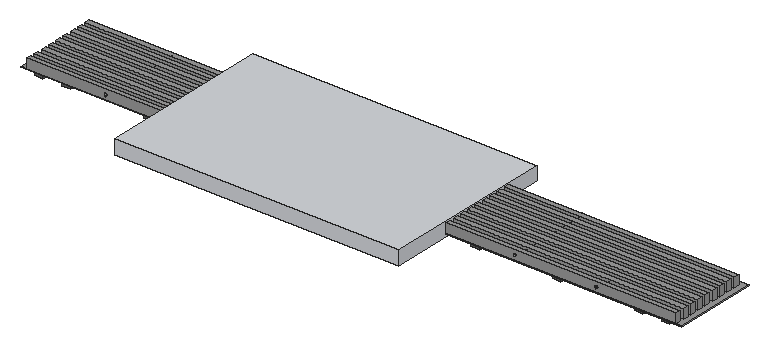
Revit family "1412-9, Solid", category Generic Models, host Face, Revit 2020
Family settings
  Host = Face
  Can host rebar = No
  Round Connector Dimension = Use Diameter
  Part Type = Normal
  Cut with Voids When Loaded = No
  Shared = No
  Room Calculation Point = No
Parameters
  min_value [instance] = 2' - 4"  # constant formula
  max_value [instance] = 11' - 11 1/4"  # constant formula
  actual_value [instance] = if(NET LENGTH < min_value, min_value, if(NET LENGTH > max_value, max_value, NET LENGTH))  # 7' - 11 1/4"
  SCRIM MATERIAL [instance] = SCRIM
  SCRIM APPEARANCE [instance] = yes
  NET LENGTH [instance] = 7' - 11 1/4"
  IMPORTANT NOTE!!!                                                                             *Backer & dowel layout is for visualization purposes only, final layout to be determined by 9Wood. [instance] = ""
  Default Elevation = 4' - 0"
  DOWEL RADIUS [instance] = 0' - 0 1/4"  # constant formula
  BACKER & DOWEL MATERIAL [instance] = BLACK-BACKERS
  .. MEMBER WIDTH [instance] = 0' - 0 3/4"  # constant formula
  .. MEMBER MATERIAL [instance] = Solid Western Hemlock
  .. MEMBER DEPTH [instance] = 0' - 1 3/8"  # constant formula
  .. MEMBER COUNT [instance] = 9  # constant formula
Reference planes (in)
  plane 1 "Center (Front/Back)": y = 0
  plane 2: z = 0
  plane 3 "Center (Left/Right)": x = 0
Forms (in)
  Extrusion 1, solid
    sketch origin (0, 0, 0) x (1, 0, 0) y (0, 1, 0)
      loop
        line (-24.24823, 14.63962) -> (-24.24823, -10.69266) -> (17.36192, -10.69266) -> (17.36192, 14.63962) -> (-24.24823, 14.63962)
    from 0 to 2.0625
Dimensions and locks (in)
  aligned and locked: plane 2 to Extrusion 1
Nested families (in)
  nested 1: "1400 series" at (-44.01308, -2.1224, 0.00189), NET LENGTH <- "actual_value", .. MEMBER DEPTH <- ".. MEMBER DEPTH", .. MEMBER WIDTH <- ".. MEMBER WIDTH", DOWEL RADIUS <- "DOWEL RADIUS", BACKER & DOWEL MATERIAL <- "BACKER & DOWEL MATERIAL", .. MEMBER MATERIAL <- ".. MEMBER MATERIAL", SCRIM MATERIAL <- "SCRIM MATERIAL", MEMBER COUNT <- ".. MEMBER COUNT", SCRIM APPEARANCE <- "SCRIM APPEARANCE", type "1400 series"
    with X 7' - 8", SCRIM MATERIAL SCRIM, SCRIM LENGTH 8' - 1", SCRIM APPEARANCE yes, SCRIM 2 0' - 0 7/8", SCRIM 1 0' - 0 3/32", OC TYP 1' - 0", NET LENGTH 7' - 11 1/4", N 8, MEMBER COUNT 9, INSET 2 0' - 0 3/16", INSET 0' - 1", HALF MEMBER WIDTH 0' - 0 3/8", END BACKER yes, DOWEL RADIUS 0' - 0 1/4", DOWEL INDEX 0' - 11 5/8", DOWEL COUNT 7, BACKING M COUNT 8, BACKER WIDTH 0' - 1 1/4", BACKER INDEX 0' - 5 5/8", BACKER DEPTH 0' - 0 1/2", BACKER & DOWEL MATERIAL BLACK-BACKERS, BACKER &  DOWEL LENGTH 0' - 11 7/8", .. MEMBER WIDTH 0' - 0 3/4", .. MEMBER OC TYP 0' - 1.33333", .. MEMBER MATERIAL Solid Western Hemlock, .. MEMBER DEPTH 0' - 1 3/8"
Definition of nested family "1400 series"
  Parameters (values of type "1400 series")
    X [instance] = NET LENGTH - 0' 3 1/4"  # 7' - 2"
    SCRIM MATERIAL [instance] = none
    SCRIM APPEARANCE [instance] = yes
    SCRIM 2 [instance] = 0' - 0 7/8"  # constant formula
    SCRIM 1 [instance] = 0' - 0 3/32"  # constant formula
    OC TYP [instance] = 1' - 0"  # constant formula
    N [instance] = if((X - (rounddown(X / 1' 0") * 1' 0")) > 1' 0", rounddown(X / 1' 0") + 2, rounddown(X / 1' 0") + 1)  # 8
    MEMBER COUNT [instance] = 2
    INSET 5 = 0' - 0 11/16"  # constant formula
    INSET 2 [instance] = 0' - 0 3/16"  # constant formula
    INSET [instance] = 0' - 1"  # constant formula
    END BACKER [instance] = BACKER INDEX > 0' 3 5/8"  # no
    HALF MEMBER WIDTH [instance] = .. MEMBER WIDTH / 2  # 0' - 1 1/8"
    Default Elevation = 0' - 0"
    DOWEL RADIUS [instance] = 0' - 0 1/4"
    DOWEL INDEX [instance] = BACKER INDEX + 0' 6"  # 0' - 8 5/8"
    DOWEL COUNT [instance] = N - 1  # 7
    BACKER WIDTH [instance] = 0' - 1 1/4"  # constant formula
    BACKER INDEX [instance] = (NET LENGTH - ((N - 1) * 1' 0")) / 2  # 0' - 2 5/8"
    BACKER DEPTH [instance] = 0' - 0 1/2"  # constant formula
    BACKING M COUNT [instance] = N  # 8
    BACKER & DOWEL MATERIAL [instance] = none
    BACKER &  DOWEL LENGTH [instance] = 0' - 11 7/8"  # constant formula
    SCRIM LENGTH [instance] = NET LENGTH + (SCRIM 2 * 2)  # 7' - 7"
    .. MEMBER WIDTH [instance] = 0' - 2 1/4"
    .. MEMBER OC TYP [instance] = 1' 0" / MEMBER COUNT  # 0' - 6"
    .. MEMBER MATERIAL [instance] = none
    NET LENGTH [instance] = 7' - 5 1/4"
    .. MEMBER DEPTH [instance] = 0' - 4"
  Reference planes (in)
    plane 1 "Center (Front/Back)": y = 0
    plane 2: z = 0
    plane 3 "Center (Left/Right)": x = 0
    plane 4: x = 89.25
    plane 5: x = 1
    plane 6: x = 88.25
    plane 7: x = 2.625
    plane 8: x = 8.625
    plane 9: x = 14.625
    plane 10: x = 20.625
    plane 11: y = 0.1875
    plane 12: y = 1.125
    plane 13: y = 7.125
    plane 14: y = 12.0625
    plane 15: x = 90.125
    plane 16: x = -0.875
    plane 17: y = 12.15625
    plane 18: y = -0.09375
    plane 19: z = 2.7097
    plane 20: z = 0.49811
    plane 21: z = 0.56061
    plane 22: z = 1.24811
  Lines and regions (in)
    model lines, not visible
      curve 1: line (8.625, 0, 0.99811) -> (8.625, 0, 1.49811)
      curve 2: line (8.625, 0, 1.49811) -> (8.375, 0, 1.24811)
      curve 3: line (8.375, 0, 1.24811) -> (8.875, 0, 1.24811)
      curve 4: line (20.625, 0, 0.99811) -> (20.625, 0, 1.49811)
      curve 5: line (20.625, 0, 1.49811) -> (20.375, 0, 1.24811)
      curve 6: line (20.375, 0, 1.24811) -> (20.875, 0, 1.24811)
      curve 7: line (32.625, 0, 0.99811) -> (32.625, 0, 1.49811)
      curve 8: line (32.625, 0, 1.49811) -> (32.375, 0, 1.24811)
      curve 9: line (32.375, 0, 1.24811) -> (32.875, 0, 1.24811)
      curve 10: line (44.625, 0, 0.99811) -> (44.625, 0, 1.49811)
      curve 11: line (44.625, 0, 1.49811) -> (44.375, 0, 1.24811)
      curve 12: line (44.375, 0, 1.24811) -> (44.875, 0, 1.24811)
      curve 13: line (56.625, 0, 0.99811) -> (56.625, 0, 1.49811)
      curve 14: line (56.625, 0, 1.49811) -> (56.375, 0, 1.24811)
      curve 15: line (56.375, 0, 1.24811) -> (56.875, 0, 1.24811)
      curve 16: line (68.625, 0, 0.99811) -> (68.625, 0, 1.49811)
      curve 17: line (68.625, 0, 1.49811) -> (68.375, 0, 1.24811)
      curve 18: line (68.375, 0, 1.24811) -> (68.875, 0, 1.24811)
      curve 19: line (80.625, 0, 0.99811) -> (80.625, 0, 1.49811)
      curve 20: line (80.625, 0, 1.49811) -> (80.375, 0, 1.24811)
      curve 21: line (80.375, 0, 1.24811) -> (80.875, 0, 1.24811)
  Dimensions and locks (in)
    "INSET": plane 3 "Center (Left/Right)" to plane 5
    "NET LENGTH": plane 3 "Center (Left/Right)" to plane 4
    "INSET": plane 6 to plane 4
    "BACKER INDEX": plane 3 "Center (Left/Right)" to plane 7
    "DOWEL INDEX": plane 3 "Center (Left/Right)" to plane 8
    "OC TYP": plane 7 to plane 9
    "OC TYP": plane 8 to plane 10
    "INSET 2": plane 1 "Center (Front/Back)" to plane 11
    equal spacing: group 1, group 2, group 5, group 6, group 7, group 13, group 14, group 16  (x3)
    equal spacing: group 3, group 4, group 8, group 9, group 10, group 15, group 17  (x3)
    group 11 to group 12 = 0' - 0"  (x2)
    group 11 to group 12 = 0' - 6"
    ".. MEMBER OC TYP": plane 13 to plane 12
    "HALF MEMBER WIDTH": plane 1 "Center (Front/Back)" to plane 12
    "SCRIM 2": plane 16 to plane 3 "Center (Left/Right)"
    "SCRIM 2": plane 4 to plane 15
    "SCRIM 1": plane 18 to plane 1 "Center (Front/Back)"
    "SCRIM 1": plane 17 to plane 14
    "INSET 5": plane 22 to plane 21
    aligned and locked: level to plane 2
    aligned and locked: plane 7 to nested 2
    aligned and locked: plane 5 to nested 1
    aligned and locked: plane 9 to nested 3
    aligned and locked: nested 1 to plane 5
    aligned and locked: nested 2 to plane 11
    aligned and locked: nested 1 to plane 11
    aligned and locked: nested 3 to plane 11
    aligned and locked: nested 4 to plane 11  (x2)
    aligned and locked: plane 10 to nested 5
    aligned and locked: plane 6 to nested 12
    aligned and locked: nested 5 to plane 11
    aligned and locked: plane 11 to nested 12
    aligned and locked: plane 12 to nested 13
    aligned and locked: nested 14 to plane 13
    aligned and locked: plane 14 to nested 8
    aligned and locked: plane 16 to nested 15
    aligned and locked: nested 15 to plane 18
    aligned and locked: nested 15 to plane 17
    aligned and locked: nested 15 to plane 16  (x2)
    aligned and locked: nested 1 to level
    aligned and locked: level to nested 3
    aligned and locked: plane 20 to nested 2
    aligned and locked: plane 20 to nested 1
    aligned and locked: plane 20 to nested 3
    aligned and locked: nested 12 to plane 20
    aligned and locked: nested 15 to plane 20
    aligned and locked: plane 21 to nested 15
    aligned and locked: nested 13 to plane 21
    aligned and locked: plane 22 to nested 4
    aligned and locked: plane 22 to nested 5
    aligned and locked: nested 13 to plane 8
    aligned and locked: plane 10 to nested 13
    aligned and locked: curve 1 to nested 13
    aligned and locked: nested 13 to curve 4
  Automatic sketch dimensions
    curve 3 to curve 1 = 0' - 0 1/4"  (x2)
    curve 1 to curve 3 = 0' - 0 1/4"
    curve 1 to curve 2 = 0' - 0 1/4"
    curve 6 to curve 4 = 0' - 0 1/4"  (x2)
    curve 4 to curve 6 = 0' - 0 1/4"
    curve 4 to curve 5 = 0' - 0 1/4"
    curve 9 to curve 7 = 0' - 0 1/4"  (x2)
    curve 7 to curve 9 = 0' - 0 1/4"
    curve 7 to curve 8 = 0' - 0 1/4"
    curve 12 to curve 10 = 0' - 0 1/4"  (x2)
    curve 10 to curve 12 = 0' - 0 1/4"
    curve 10 to curve 11 = 0' - 0 1/4"
    curve 15 to curve 13 = 0' - 0 1/4"  (x2)
    curve 13 to curve 15 = 0' - 0 1/4"
    curve 13 to curve 14 = 0' - 0 1/4"
    curve 18 to curve 16 = 0' - 0 1/4"  (x2)
    curve 16 to curve 18 = 0' - 0 1/4"
    curve 16 to curve 17 = 0' - 0 1/4"
    curve 21 to curve 19 = 0' - 0 1/4"  (x2)
    curve 19 to curve 21 = 0' - 0 1/4"
    curve 19 to curve 20 = 0' - 0 1/4"
  Nested families (in)
    nested 1: "INSTANCE - 3RD -  EXTEND BOTH SIDES - Parametric Cube.0001" at (1, 0.1875, 0.49811), Length <- "BACKER &  DOWEL LENGTH", Width <- "BACKER WIDTH", Height <- "BACKER DEPTH", Material <- "BACKER & DOWEL MATERIAL", visible <- "END BACKER", type "INSTANCE - 3RD -  EXTEND BOTH SIDES - Parametric Cube.0001"
      with Width 0' - 1 1/4", Material none, Length 0' - 11 7/8", Height 0' - 0 1/2"
    nested 2: "INSTANCE - 2ND -  EXTEND SIDE H CENTER W - Parametric Cube.0001" at (2.625, 0.1875, 0.49811), Width <- "BACKER WIDTH", Length <- "BACKER &  DOWEL LENGTH", Height <- "BACKER DEPTH", Material <- "BACKER & DOWEL MATERIAL", type "INSTANCE - 2ND -  EXTEND SIDE H CENTER W - Parametric Cube.0001"
      with Width 0' - 1 1/4", Material none, Length 0' - 11 7/8", Height 0' - 0 1/2"
    nested 3: "INSTANCE - 2ND -  EXTEND SIDE H CENTER W - Parametric Cube.0001" at (14.625, 0.1875, 0.49811), Width <- "BACKER WIDTH", Length <- "BACKER &  DOWEL LENGTH", Height <- "BACKER DEPTH", Material <- "BACKER & DOWEL MATERIAL", type "INSTANCE - 2ND -  EXTEND SIDE H CENTER W - Parametric Cube.0001"
      with Width 0' - 1 1/4", Material none, Length 0' - 11 7/8", Height 0' - 0 1/2"
    nested 4: "DOWEL" at (-1.375, 0.1875, 1.24811), DOWEL LENGTH <- "BACKER &  DOWEL LENGTH", DOWEL RADII <- "DOWEL RADIUS", BACKING MEM MATERIAL <- "BACKER & DOWEL MATERIAL", type "DOWEL"
      with DOWEL RADII 0' - 0 1/4", DOWEL LENGTH 0' - 11 7/8", BACKING MEM MATERIAL none
    nested 5: "DOWEL" at (10.625, 0.1875, 1.24811), DOWEL LENGTH <- "BACKER &  DOWEL LENGTH", DOWEL RADII <- "DOWEL RADIUS", BACKING MEM MATERIAL <- "BACKER & DOWEL MATERIAL", type "DOWEL"
      with DOWEL RADII 0' - 0 1/4", DOWEL LENGTH 0' - 11 7/8", BACKING MEM MATERIAL none
    nested 6: "INSTANCE - 2ND -  EXTEND SIDE H CENTER W - Parametric Cube.0001" at (26.625, 0.1875, 0.49811), Width <- "BACKER WIDTH", Length <- "BACKER &  DOWEL LENGTH", Height <- "BACKER DEPTH", Material <- "BACKER & DOWEL MATERIAL", type "INSTANCE - 2ND -  EXTEND SIDE H CENTER W - Parametric Cube.0001"
      with Width 0' - 1 1/4", Material none, Length 0' - 11 7/8", Height 0' - 0 1/2"
    nested 7: "INSTANCE - 2ND -  EXTEND SIDE H CENTER W - Parametric Cube.0001" at (38.625, 0.1875, 0.49811), Width <- "BACKER WIDTH", Length <- "BACKER &  DOWEL LENGTH", Height <- "BACKER DEPTH", Material <- "BACKER & DOWEL MATERIAL", type "INSTANCE - 2ND -  EXTEND SIDE H CENTER W - Parametric Cube.0001"
      with Width 0' - 1 1/4", Material none, Length 0' - 11 7/8", Height 0' - 0 1/2"
    nested 8: "INSTANCE - 2ND -  EXTEND SIDE H CENTER W - Parametric Cube.0001" at (50.625, 0.1875, 0.49811), Width <- "BACKER WIDTH", Length <- "BACKER &  DOWEL LENGTH", Height <- "BACKER DEPTH", Material <- "BACKER & DOWEL MATERIAL", type "INSTANCE - 2ND -  EXTEND SIDE H CENTER W - Parametric Cube.0001"
      with Width 0' - 1 1/4", Material none, Length 0' - 11 7/8", Height 0' - 0 1/2"
    nested 9: "DOWEL" at (22.625, 0.1875, 1.24811), DOWEL LENGTH <- "BACKER &  DOWEL LENGTH", DOWEL RADII <- "DOWEL RADIUS", BACKING MEM MATERIAL <- "BACKER & DOWEL MATERIAL", type "DOWEL"
      with DOWEL RADII 0' - 0 1/4", DOWEL LENGTH 0' - 11 7/8", BACKING MEM MATERIAL none
    nested 10: "DOWEL" at (34.625, 0.1875, 1.24811), DOWEL LENGTH <- "BACKER &  DOWEL LENGTH", DOWEL RADII <- "DOWEL RADIUS", BACKING MEM MATERIAL <- "BACKER & DOWEL MATERIAL", type "DOWEL"
      with DOWEL RADII 0' - 0 1/4", DOWEL LENGTH 0' - 11 7/8", BACKING MEM MATERIAL none
    nested 11: "DOWEL" at (46.625, 0.1875, 1.24811), DOWEL LENGTH <- "BACKER &  DOWEL LENGTH", DOWEL RADII <- "DOWEL RADIUS", BACKING MEM MATERIAL <- "BACKER & DOWEL MATERIAL", type "DOWEL"
      with DOWEL RADII 0' - 0 1/4", DOWEL LENGTH 0' - 11 7/8", BACKING MEM MATERIAL none
    nested 12: "INSTANCE - 3RD -  EXTEND BOTH SIDES - Parametric Cube.0001" at (88.25, 0.1875, 0.49811) x (-1, 0, 0) z (0, 0, 1), Width <- "BACKER WIDTH", Length <- "BACKER &  DOWEL LENGTH", Height <- "BACKER DEPTH", Material <- "BACKER & DOWEL MATERIAL", visible <- "END BACKER", type "INSTANCE - 3RD -  EXTEND BOTH SIDES - Parametric Cube.0001"
      with Width 0' - 1 1/4", Material none, Length 0' - 11 7/8", Height 0' - 0 1/2"
    nested 13: "HOLED MEMBER" at (0, -9.75, 8.12965), DOWEL INDEX <- "DOWEL INDEX", .. MEMBER LENGTH <- "NET LENGTH", .. MEMBER WIDTH <- ".. MEMBER WIDTH", DOWEL OC DIST <- "OC TYP", DOWEL RADII <- "DOWEL RADIUS", Material <- ".. MEMBER MATERIAL", DEPTH <- ".. MEMBER DEPTH", DOWEL COUNT <- "DOWEL COUNT", Space <- "INSET 5", type "HOLED MEMBER"
      with Space 0' - 0 11/16", Material none, Height 0' - 10.43096", HALF MEMBER WIDTH 0' - 1 1/8", DOWEL RADII 0' - 0 1/4", DOWEL OC DIST 1' - 0", DOWEL INDEX 0' - 8 5/8", DOWEL COUNT 7, DEPTH 0' - 4", .. MEMBER WIDTH 0' - 2 1/4", .. MEMBER LENGTH 7' - 5 1/4"
    nested 14: "HOLED MEMBER" at (0, -3.75, 8.12965), DOWEL INDEX <- "DOWEL INDEX", .. MEMBER LENGTH <- "NET LENGTH", .. MEMBER WIDTH <- ".. MEMBER WIDTH", DOWEL OC DIST <- "OC TYP", DOWEL RADII <- "DOWEL RADIUS", Material <- ".. MEMBER MATERIAL", DEPTH <- ".. MEMBER DEPTH", DOWEL COUNT <- "DOWEL COUNT", Space <- "INSET 5", type "HOLED MEMBER"
      with Space 0' - 0 11/16", Material none, Height 0' - 10.43096", HALF MEMBER WIDTH 0' - 1 1/8", DOWEL RADII 0' - 0 1/4", DOWEL OC DIST 1' - 0", DOWEL INDEX 0' - 8 5/8", DOWEL COUNT 7, DEPTH 0' - 4", .. MEMBER WIDTH 0' - 2 1/4", .. MEMBER LENGTH 7' - 5 1/4"
    nested 15: "INSTANCE - 3RD -  EXTEND BOTH SIDES - Parametric Cube.0001" at (-0.875, -0.09375, 0.56061), Width <- "SCRIM LENGTH", Material <- "SCRIM MATERIAL", visible <- "SCRIM APPEARANCE", type "INSTANCE - 3RD -  EXTEND BOTH SIDES - Parametric Cube.0001"
      with Width 7' - 7", Material none, Length 1' - 0 1/4", Height 0' - 0 1/16"
    nested 16: "INSTANCE - 2ND -  EXTEND SIDE H CENTER W - Parametric Cube.0001" at (62.625, 0.1875, 0.49811), Width <- "BACKER WIDTH", Length <- "BACKER &  DOWEL LENGTH", Height <- "BACKER DEPTH", Material <- "BACKER & DOWEL MATERIAL", type "INSTANCE - 2ND -  EXTEND SIDE H CENTER W - Parametric Cube.0001"
      with Width 0' - 1 1/4", Material none, Length 0' - 11 7/8", Height 0' - 0 1/2"
    nested 17: "INSTANCE - 2ND -  EXTEND SIDE H CENTER W - Parametric Cube.0001" at (74.625, 0.1875, 0.49811), Width <- "BACKER WIDTH", Length <- "BACKER &  DOWEL LENGTH", Height <- "BACKER DEPTH", Material <- "BACKER & DOWEL MATERIAL", type "INSTANCE - 2ND -  EXTEND SIDE H CENTER W - Parametric Cube.0001"
      with Width 0' - 1 1/4", Material none, Length 0' - 11 7/8", Height 0' - 0 1/2"
    nested 18: "DOWEL" at (58.625, 0.1875, 1.24811), DOWEL LENGTH <- "BACKER &  DOWEL LENGTH", DOWEL RADII <- "DOWEL RADIUS", BACKING MEM MATERIAL <- "BACKER & DOWEL MATERIAL", type "DOWEL"
      with DOWEL RADII 0' - 0 1/4", DOWEL LENGTH 0' - 11 7/8", BACKING MEM MATERIAL none
    nested 19: "INSTANCE - 2ND -  EXTEND SIDE H CENTER W - Parametric Cube.0001" at (86.625, 0.1875, 0.49811), Width <- "BACKER WIDTH", Length <- "BACKER &  DOWEL LENGTH", Height <- "BACKER DEPTH", Material <- "BACKER & DOWEL MATERIAL", type "INSTANCE - 2ND -  EXTEND SIDE H CENTER W - Parametric Cube.0001"
      with Width 0' - 1 1/4", Material none, Length 0' - 11 7/8", Height 0' - 0 1/2"
    nested 20: "DOWEL" at (70.625, 0.1875, 1.24811), DOWEL LENGTH <- "BACKER &  DOWEL LENGTH", DOWEL RADII <- "DOWEL RADIUS", BACKING MEM MATERIAL <- "BACKER & DOWEL MATERIAL", type "DOWEL"
      with DOWEL RADII 0' - 0 1/4", DOWEL LENGTH 0' - 11 7/8", BACKING MEM MATERIAL none
  Definition of nested family "INSTANCE - 3RD -  EXTEND BOTH SIDES - Parametric Cube.0001"
    Parameters (values of type "INSTANCE - 3RD -  EXTEND BOTH SIDES - Parametric Cube.0001")
      Width [instance] = 0' - 6"
      Material [instance] = none
      Length [instance] = 1' - 0"
      Height [instance] = 1' - 6"
      Default Elevation = 0' - 0"
    Reference planes (in)
      plane 1 "Center (Front/Back)": y = 0
      plane 2: z = 0
      plane 3 "Center (Left/Right)": x = 0
      plane 4: x = 6
      plane 5: y = 12
      plane 6: z = -18
    Forms (in)
      Extrusion 1, solid, material <- "Material"
        sketch origin (0, 6, 0) x (1, 0, 0) y (0, 1, 0)
          loop
            line (0, 6) -> (0, -6) -> (6, -6) -> (6, 6) -> (0, 6)
        from -18 to 0
    Dimensions and locks (in)
      "Height": plane 6 to level
      "Length": plane 1 "Center (Front/Back)" to plane 5
      "Width": plane 3 "Center (Left/Right)" to plane 4
      aligned and locked: plane 2 to level
      aligned and locked: Extrusion 1 sketch curve to plane 4
      aligned and locked: Extrusion 1 to plane 6
      aligned and locked: plane 5 to Extrusion 1
      aligned and locked: Extrusion 1 to plane 3 "Center (Left/Right)"
    Automatic sketch dimensions
      plane 1 "Center (Front/Back)" to Extrusion 1 sketch curve = 0' - 0"
      plane 5 to Extrusion 1 sketch curve = 0' - 0"
      Extrusion 1 sketch curve to plane 3 "Center (Left/Right)" = 0' - 0"
  Definition of nested family "INSTANCE - 2ND -  EXTEND SIDE H CENTER W - Parametric Cube.0001"
    Parameters (values of type "INSTANCE - 2ND -  EXTEND SIDE H CENTER W - Parametric Cube.0001")
      Width [instance] = 0' - 6"
      Material [instance] = none
      Length [instance] = 1' - 0"
      Height [instance] = 1' - 6"
      Default Elevation = 0' - 0"
    Reference planes (in)
      plane 1 "Center (Front/Back)": y = 0
      plane 2: z = 0
      plane 3 "Center (Left/Right)": x = 0
      plane 4: x = -3
      plane 5: x = 3
      plane 6: y = 12
      plane 7: z = -18
    Forms (in)
      Extrusion 1, solid, material <- "Material"
        sketch origin (0, 6, 0) x (1, 0, 0) y (0, 1, 0)
          loop
            line (-3, 6) -> (-3, -6) -> (3, -6) -> (3, 6) -> (-3, 6)
        from -18 to 0
    Dimensions and locks (in)
      equal spacing: plane 4, plane 3 "Center (Left/Right)", plane 5
      "Width": plane 4 to plane 5
      "Height": plane 7 to level
      "Length": plane 1 "Center (Front/Back)" to plane 6
      aligned and locked: plane 2 to level
      aligned and locked: plane 4 to Extrusion 1 sketch curve
      aligned and locked: Extrusion 1 sketch curve to plane 5
      aligned and locked: Extrusion 1 to plane 7
      aligned and locked: plane 6 to Extrusion 1
    Automatic sketch dimensions
      plane 1 "Center (Front/Back)" to Extrusion 1 sketch curve = 0' - 0"
      plane 6 to Extrusion 1 sketch curve = 0' - 0"
  Definition of nested family "DOWEL"
    Parameters (values of type "DOWEL")
      Default Elevation = 0' - 0"
      DOWEL RADII [instance] = 0' - 0 5/8"
      DOWEL LENGTH [instance] = 1' - 0"
      BACKING MEM MATERIAL [instance] = none
    Reference planes (in)
      plane 1 "Center (Front/Back)": y = 0
      plane 2: z = 0
      plane 3 "Center (Left/Right)": x = 0
      plane 4: y = 12
    Forms (in)
      Extrusion 1, solid, material <- "BACKING MEM MATERIAL"
        sketch origin (10, 0, 0) x (1, 0, 0) y (0, 0, 1)
          loop
            circle (0, 0) r 0.625
        from 0 to -12
      Extrusion 2, solid, not visible
        sketch origin (0, 0, 0) x (1, 0, 0) y (0, 0, 1)
          loop
            circle (0, 0) r 0.625
        from 0 to 12
      Extrusion 3, solid, not visible
        sketch origin (10, 0, 0) x (1, 0, 0) y (0, 0, 1)
          loop
            circle (0, 0) r 0.625
        from 0 to 2.5
      Extrusion 4, solid, not visible
        sketch origin (10, 0, 0) x (1, 0, 0) y (0, 0, 1)
          loop
            circle (0, 0) r 0.625
        from 0 to -12
    Lines and regions (in)
      model lines, not visible
        curve 1: line (-13, 0, 0) -> (-13, -12, 0)
        curve 2: line (13, 0, 0) -> (13, -12, 0)
        curve 3: line (9.89453, 0, 0) -> (10.08794, 0, 0)
        curve 4: line (9.89453, -2.5, 0) -> (10.08794, -2.5, 0)
        curve 6: line (10, 0, 0) -> (10, 2, 0)
      model lines
        curve 5: line (10, 0, 0) -> (10, 2, 0)
    Dimensions and locks (in)
      "DOWEL LENGTH": plane 1 "Center (Front/Back)" to plane 4
      "DOWEL RADII": radius of Extrusion 1 sketch curve
      "DOWEL RADII": radius of Extrusion 2 sketch curve
      "DOWEL RADII": radius of Extrusion 3 sketch curve
      "DOWEL RADII": radius of Extrusion 4 sketch curve
      "DOWEL RADII": radius of Extrusion 1
      aligned and locked: plane 2 to level
      aligned and locked: Extrusion 1 to plane 1 "Center (Front/Back)"  (x3)
      aligned and locked: plane 1 "Center (Front/Back)" to Extrusion 1
      aligned and locked: plane 4 to Extrusion 1
    Automatic sketch dimensions
      plane 1 "Center (Front/Back)" to curve 5 = 0' - 0"
      curve 5 to plane 1 "Center (Front/Back)" = 0' - 2"
      plane 3 "Center (Left/Right)" to curve 5 = 0' - 10"
      Extrusion 1 sketch curve to level = 0' - 0"
      plane 3 "Center (Left/Right)" to Extrusion 1 sketch curve = 0' - 10"
  Definition of nested family "HOLED MEMBER"
    Parameters (values of type "HOLED MEMBER")
      Space [instance] = 0' - 0 5/8"
      Material [instance] = none
      Height [instance] = 0' - 10.43096"
      HALF MEMBER WIDTH [instance] = .. MEMBER WIDTH / 2  # 0' - 0 5/16"
      Default Elevation = 0' - 0"
      DOWEL RADII [instance] = 0' - 0.34537"
      DOWEL OC DIST [instance] = 1' - 0"
      DOWEL INSET = 0' - 0 5/8"
      DOWEL INDEX [instance] = 0' - 5 5/8"
      DOWEL COUNT [instance] = 6
      DEPTH [instance] = 0' - 2"
      .. MEMBER WIDTH [instance] = 0' - 0 5/8"
      .. MEMBER LENGTH [instance] = 5' - 11 3/4"
    Reference planes (in)
      plane 1 "Center (Front/Back)": y = 12
      plane 2: z = -7.56904
      plane 3 "Center (Left/Right)": x = 0
      plane 4: x = 5.625
      plane 5: x = 17.625
      plane 6: y = 11.375
      plane 7: x = 71.75
      plane 8: y = 11.6875
      plane 9: z = -6.94404
      plane 10: z = -5.56904
    Forms (in)
      Extrusion 1, solid, material <- "Material"
        sketch origin (0, 12, -13.56904) x (1, 0, 0) y (0, 0, 1)
          loop
            line (0, 6) -> (71.75, 6) -> (71.75, 8) -> (0, 8) -> (0, 6)
        from 0.625 to 0
      Extrusion 2, void
        sketch origin (0, 12, -18.31904) x (1, 0, 0) y (0, 0, 1)
          loop
            circle (5.625, 11.375) r 0.34537
        from 0 to 12
      Extrusion 3, void, not visible
        sketch origin (0, 0, 0) x (1, 0, 0) y (0, 1, 0)
          loop
            circle (5.625, 11.375) r 0.34537
        from 0 to 12
      Extrusion 4, void, not visible
        sketch origin (0, 0, 0) x (1, 0, 0) y (0, 1, 0)
          loop
            circle (5.625, 11.375) r 0.34537
        from 0 to 12
      Extrusion 5, void, not visible
        sketch origin (12, 0, 0) x (1, 0, 0) y (0, 1, 0)
          loop
            circle (5.625, 11.375) r 0.34537
        from 0 to 12
      Extrusion 6, void, not visible
        sketch origin (0, 12, -17.56904) x (1, 0, 0) y (0, 0, 1)
          loop
            circle (5.625, 11.375) r 0.34537
        from 0 to 12
      Extrusion 7, void, not visible
        sketch origin (12, 12, -17.56904) x (1, 0, 0) y (0, 0, 1)
          loop
            circle (5.625, 11.375) r 0.34537
        from 0 to 12
      Extrusion 8, void, not visible
        sketch origin (0, 12, -19.56904) x (1, 0, 0) y (0, 0, 1)
          loop
            circle (5.625, 11.375) r 0.34537
        from 0 to 12
      Extrusion 9, void
        sketch origin (12, 12, -18.31904) x (1, 0, 0) y (0, 0, 1)
          loop
            circle (5.625, 11.375) r 0.34537
        from 0 to 12
      Extrusion 10, void
        sketch origin (24, 12, -18.31904) x (1, 0, 0) y (0, 0, 1)
          loop
            circle (5.625, 11.375) r 0.34537
        from 0 to 12
      Extrusion 11, void
        sketch origin (36, 12, -18.31904) x (1, 0, 0) y (0, 0, 1)
          loop
            circle (5.625, 11.375) r 0.34537
        from 0 to 12
      Extrusion 12, void
        sketch origin (48, 12, -18.31904) x (1, 0, 0) y (0, 0, 1)
          loop
            circle (5.625, 11.375) r 0.34537
        from 0 to 12
      Extrusion 13, void
        sketch origin (60, 12, -18.31904) x (1, 0, 0) y (0, 0, 1)
          loop
            circle (5.625, 11.375) r 0.34537
        from 0 to 12
      Extrusion 14, void, not visible
        sketch origin (24, 12, -17.56904) x (1, 0, 0) y (0, 0, 1)
          loop
            circle (5.625, 11.375) r 0.34537
        from 0 to 12
      Extrusion 15, void, not visible
        sketch origin (36, 12, -17.56904) x (1, 0, 0) y (0, 0, 1)
          loop
            circle (5.625, 11.375) r 0.34537
        from 0 to 12
      Extrusion 16, void, not visible
        sketch origin (48, 12, -17.56904) x (1, 0, 0) y (0, 0, 1)
          loop
            circle (5.625, 11.375) r 0.34537
        from 0 to 12
      Extrusion 17, void, not visible
        sketch origin (60, 12, -17.56904) x (1, 0, 0) y (0, 0, 1)
          loop
            circle (5.625, 11.375) r 0.34537
        from 0 to 12
      Extrusion 18, void, not visible
        sketch origin (24, 0, 0) x (1, 0, 0) y (0, 1, 0)
          loop
            circle (5.625, 11.375) r 0.34537
        from 0 to 12
      Extrusion 19, void, not visible
        sketch origin (36, 0, 0) x (1, 0, 0) y (0, 1, 0)
          loop
            circle (5.625, 11.375) r 0.34537
        from 0 to 12
      Extrusion 20, void, not visible
        sketch origin (48, 0, 0) x (1, 0, 0) y (0, 1, 0)
          loop
            circle (5.625, 11.375) r 0.34537
        from 0 to 12
      Extrusion 21, void, not visible
        sketch origin (60, 0, 0) x (1, 0, 0) y (0, 1, 0)
          loop
            circle (5.625, 11.375) r 0.34537
        from 0 to 12
    Cuts and joins
      Extrusion 2, Extrusion 9, Extrusion 10, Extrusion 11, Extrusion 12, Extrusion 13 cuts Extrusion 1
    Lines and regions (in)
      model lines, not visible
        curve 1: line (5.625, 11.72037, 0) -> (5.625, 11.02963, 0)
        curve 2: line (5.625, 11.72037, 0) -> (5.625, 11.02963, 0)
        curve 3: line (17.625, 11.72037, 0) -> (17.625, 11.02963, 0)
        curve 4: line (5.625, 12, -7.56904) -> (5.625, 11.87317, -7.56904)
        curve 5: line (5.625, 11.87317, -7.56904) -> (5.06195, 11.87317, -7.56904)
        curve 6: line (5.06195, 11.87317, -7.56904) -> (5.27963, 11.375, -7.56904)
        curve 7: line (0, 12, -6.19404) -> (0, 11.61951, -6.19404)
        curve 9: line (0, 11.375, -8.19404) -> (0, 11.6747, -8.19404)
        curve 10: line (5.625, 12, -7.56904) -> (5.625, 11.69863, -7.56904)
        curve 11: line (5.625, 12, -7.56904) -> (5.625, 11.69863, -7.56904)
        curve 12: line (5.625, 10.75, 0) -> (5.625, 10.75, 0.30137)
        curve 13: line (5.625, 10.75, 0) -> (5.625, 10.75, 0.30137)
        curve 14: line (17.625, 10.75, 0) -> (17.625, 10.75, 0.30137)
        curve 15: line (5.625, 12, -6.81904) -> (5.625, 11.69863, -6.81904)
        curve 16: line (17.625, 12, -6.81904) -> (17.625, 11.69863, -6.81904)
        curve 17: line (5.625, 12, -8.81904) -> (5.625, 11.69863, -8.81904)
        curve 18: line (17.625, 12, -7.56904) -> (17.625, 11.69863, -7.56904)
        curve 19: line (29.625, 12, -7.56904) -> (29.625, 11.69863, -7.56904)
        curve 20: line (41.625, 12, -7.56904) -> (41.625, 11.69863, -7.56904)
        curve 21: line (53.625, 12, -7.56904) -> (53.625, 11.69863, -7.56904)
        curve 22: line (65.625, 12, -7.56904) -> (65.625, 11.69863, -7.56904)
        curve 23: line (29.625, 12, -6.81904) -> (29.625, 11.69863, -6.81904)
        curve 24: line (41.625, 12, -6.81904) -> (41.625, 11.69863, -6.81904)
        curve 25: line (53.625, 12, -6.81904) -> (53.625, 11.69863, -6.81904)
        curve 26: line (65.625, 12, -6.81904) -> (65.625, 11.69863, -6.81904)
        curve 27: line (29.625, 11.72037, 0) -> (29.625, 11.02963, 0)
        curve 28: line (29.625, 10.75, 0) -> (29.625, 10.75, 0.30137)
        curve 29: line (41.625, 11.72037, 0) -> (41.625, 11.02963, 0)
        curve 30: line (41.625, 10.75, 0) -> (41.625, 10.75, 0.30137)
        curve 31: line (53.625, 11.72037, 0) -> (53.625, 11.02963, 0)
        curve 32: line (53.625, 10.75, 0) -> (53.625, 10.75, 0.30137)
        curve 33: line (65.625, 11.72037, 0) -> (65.625, 11.02963, 0)
        curve 34: line (65.625, 10.75, 0) -> (65.625, 10.75, 0.30137)
        curve 35: line (5.27963, 12, -6.94404) -> (5.97037, 12, -6.94404)
        curve 36: line (5.97037, 12, -6.94404) -> (5.625, 12, -6.59867)
        curve 37: line (5.625, 12, -6.59867) -> (5.625, 12, -7.28941)
        curve 38: line (5.27963, 11.375, 0) -> (5.97037, 11.375, 0)
        curve 39: line (5.97037, 11.375, 0) -> (5.625, 11.72037, 0)
        curve 40: line (5.625, 11.72037, 0) -> (5.625, 11.02963, 0)
        curve 41: line (5.27963, 11.375, 0) -> (5.97037, 11.375, 0)
        curve 42: line (5.97037, 11.375, 0) -> (5.625, 11.72037, 0)
        curve 43: line (5.625, 11.72037, 0) -> (5.625, 11.02963, 0)
        curve 44: line (17.27963, 11.375, 0) -> (17.97037, 11.375, 0)
        curve 45: line (17.97037, 11.375, 0) -> (17.625, 11.72037, 0)
        curve 46: line (17.625, 11.72037, 0) -> (17.625, 11.02963, 0)
        curve 47: line (5.27963, 12, -6.19404) -> (5.97037, 12, -6.19404)
        curve 48: line (5.97037, 12, -6.19404) -> (5.625, 12, -5.84867)
        curve 49: line (5.625, 12, -5.84867) -> (5.625, 12, -6.53941)
        curve 50: line (17.27963, 12, -6.19404) -> (17.97037, 12, -6.19404)
        curve 51: line (17.97037, 12, -6.19404) -> (17.625, 12, -5.84867)
        curve 52: line (17.625, 12, -5.84867) -> (17.625, 12, -6.53941)
        curve 53: line (5.27963, 12, -8.19404) -> (5.97037, 12, -8.19404)
        curve 54: line (5.97037, 12, -8.19404) -> (5.625, 12, -7.84867)
        curve 55: line (5.625, 12, -7.84867) -> (5.625, 12, -8.53941)
        curve 56: line (17.27963, 12, -6.94404) -> (17.97037, 12, -6.94404)
        curve 57: line (17.97037, 12, -6.94404) -> (17.625, 12, -6.59867)
        curve 58: line (17.625, 12, -6.59867) -> (17.625, 12, -7.28941)
        curve 59: line (29.27963, 12, -6.94404) -> (29.97037, 12, -6.94404)
        curve 60: line (29.97037, 12, -6.94404) -> (29.625, 12, -6.59867)
        curve 61: line (29.625, 12, -6.59867) -> (29.625, 12, -7.28941)
        curve 62: line (41.27963, 12, -6.94404) -> (41.97037, 12, -6.94404)
        curve 63: line (41.97037, 12, -6.94404) -> (41.625, 12, -6.59867)
        curve 64: line (41.625, 12, -6.59867) -> (41.625, 12, -7.28941)
        curve 65: line (53.27963, 12, -6.94404) -> (53.97037, 12, -6.94404)
        curve 66: line (53.97037, 12, -6.94404) -> (53.625, 12, -6.59867)
        curve 67: line (53.625, 12, -6.59867) -> (53.625, 12, -7.28941)
        curve 68: line (65.27963, 12, -6.94404) -> (65.97037, 12, -6.94404)
        curve 69: line (65.97037, 12, -6.94404) -> (65.625, 12, -6.59867)
        curve 70: line (65.625, 12, -6.59867) -> (65.625, 12, -7.28941)
        curve 71: line (29.27963, 12, -6.19404) -> (29.97037, 12, -6.19404)
        curve 72: line (29.97037, 12, -6.19404) -> (29.625, 12, -5.84867)
        curve 73: line (29.625, 12, -5.84867) -> (29.625, 12, -6.53941)
        curve 74: line (41.27963, 12, -6.19404) -> (41.97037, 12, -6.19404)
        curve 75: line (41.97037, 12, -6.19404) -> (41.625, 12, -5.84867)
        curve 76: line (41.625, 12, -5.84867) -> (41.625, 12, -6.53941)
        curve 77: line (53.27963, 12, -6.19404) -> (53.97037, 12, -6.19404)
        curve 78: line (53.97037, 12, -6.19404) -> (53.625, 12, -5.84867)
        curve 79: line (53.625, 12, -5.84867) -> (53.625, 12, -6.53941)
        curve 80: line (65.27963, 12, -6.19404) -> (65.97037, 12, -6.19404)
        curve 81: line (65.97037, 12, -6.19404) -> (65.625, 12, -5.84867)
        curve 82: line (65.625, 12, -5.84867) -> (65.625, 12, -6.53941)
        curve 83: line (29.27963, 11.375, 0) -> (29.97037, 11.375, 0)
        curve 84: line (29.97037, 11.375, 0) -> (29.625, 11.72037, 0)
        curve 85: line (29.625, 11.72037, 0) -> (29.625, 11.02963, 0)
        curve 86: line (41.27963, 11.375, 0) -> (41.97037, 11.375, 0)
        curve 87: line (41.97037, 11.375, 0) -> (41.625, 11.72037, 0)
        curve 88: line (41.625, 11.72037, 0) -> (41.625, 11.02963, 0)
        curve 89: line (53.27963, 11.375, 0) -> (53.97037, 11.375, 0)
        curve 90: line (53.97037, 11.375, 0) -> (53.625, 11.72037, 0)
        curve 91: line (53.625, 11.72037, 0) -> (53.625, 11.02963, 0)
        curve 92: line (65.27963, 11.375, 0) -> (65.97037, 11.375, 0)
        curve 93: line (65.97037, 11.375, 0) -> (65.625, 11.72037, 0)
        curve 94: line (65.625, 11.72037, 0) -> (65.625, 11.02963, 0)
      model lines
        curve 8: line (5.625, 12, -7.56904) -> (5.625, 11.69863, -7.56904)
    Dimensions and locks (in)
      "DOWEL INDEX": plane 3 "Center (Left/Right)" to plane 4
      "DOWEL OC DIST": plane 4 to plane 5
      ".. MEMBER LENGTH": plane 3 "Center (Left/Right)" to plane 7
      equal spacing: group 3, group 4, group 21, group 22, group 23, group 24  (x3)
      equal spacing: group 7, group 8, group 17, group 18, group 19, group 20  (x3)
      ".. MEMBER WIDTH": plane 6 to plane 1 "Center (Front/Back)"
      "HALF MEMBER WIDTH": plane 8 to plane 1 "Center (Front/Back)"
      equal spacing: group 1, group 12, group 13, group 14, group 15, group 16  (x2)
      equal spacing: group 16, group 15, group 14, group 13, group 12, group 1
      "DEPTH": plane 10 to level
      "Space": plane 9 to level
      "DOWEL RADII": radius of Extrusion 2 sketch curve
      "DOWEL RADII": radius of Extrusion 3 sketch curve
      "DOWEL RADII": radius of Extrusion 4 sketch curve
      "DOWEL RADII": radius of Extrusion 5 sketch curve
      "DOWEL RADII": radius of Extrusion 6 sketch curve
      "DOWEL RADII": radius of Extrusion 7 sketch curve
      "DOWEL RADII": radius of Extrusion 8 sketch curve
      "DOWEL RADII": radius of Extrusion 9 sketch curve
      "DOWEL RADII": radius of Extrusion 10 sketch curve
      "DOWEL RADII": radius of Extrusion 11 sketch curve
      "DOWEL RADII": radius of Extrusion 12 sketch curve
      "DOWEL RADII": radius of Extrusion 13 sketch curve
      "DOWEL RADII": radius of Extrusion 14 sketch curve
      "DOWEL RADII": radius of Extrusion 15 sketch curve
      "DOWEL RADII": radius of Extrusion 16 sketch curve
      "DOWEL RADII": radius of Extrusion 17 sketch curve
      "DOWEL RADII": radius of Extrusion 18 sketch curve
      "DOWEL RADII": radius of Extrusion 19 sketch curve
      "DOWEL RADII": radius of Extrusion 20 sketch curve
      "DOWEL RADII": radius of Extrusion 21 sketch curve
      aligned and locked: level to plane 2
      aligned and locked: Extrusion 1 to plane 3 "Center (Left/Right)"  (x2)
      aligned and locked: plane 7 to cut or joined group of Extrusion 1, Extrusion 2, Extrusion 9, Extrusion 10, Extrusion 11, Extrusion 12, Extrusion 13  (x2)
      aligned and locked: cut or joined group of Extrusion 1, Extrusion 2, Extrusion 9, Extrusion 10, Extrusion 11, Extrusion 12, Extrusion 13 to plane 1 "Center (Front/Back)"  (x2)
      aligned and locked: cut or joined group of Extrusion 1, Extrusion 2, Extrusion 9, Extrusion 10, Extrusion 11, Extrusion 12, Extrusion 13 to plane 6  (x2)
      aligned and locked: plane 4 to curve 11
      aligned and locked: curve 18 to plane 5
      aligned and locked: plane 4 to group 1
      aligned and locked: group 12 to plane 5
      aligned and locked: curve 35 to plane 9
      aligned and locked: plane 4 to curve 37
      aligned and locked: curve 56 to plane 9
      aligned and locked: curve 58 to plane 5
      aligned and locked: plane 10 to cut or joined group of Extrusion 1, Extrusion 2, Extrusion 9, Extrusion 10, Extrusion 11, Extrusion 12, Extrusion 13  (x2)
      aligned and locked: cut or joined group of Extrusion 1, Extrusion 2, Extrusion 9, Extrusion 10, Extrusion 11, Extrusion 12, Extrusion 13 to level
      aligned and locked: level to cut or joined group of Extrusion 1, Extrusion 2, Extrusion 9, Extrusion 10, Extrusion 11, Extrusion 12, Extrusion 13
    Automatic sketch dimensions
      curve 1 to curve 1 = 0' - 0.69074"
      curve 2 to curve 2 = 0' - 0.69074"
      curve 3 to curve 3 = 0' - 0.69074"
      Extrusion 1 sketch curve to plane 3 "Center (Left/Right)" = 0' - 0"
      Extrusion 1 sketch curve to plane 7 = 0' - 0"
      Extrusion 1 sketch curve to Extrusion 1 sketch curve = 0' - 2"
      Extrusion 1 sketch curve to level = 0' - 0"
      curve 8 to curve 8 = 0' - 0.30137"
      curve 10 to curve 10 = 0' - 0.30137"
      curve 8 to plane 4 = 0' - 0"
      plane 1 "Center (Front/Back)" to curve 8 = 0' - 0"
      plane 1 "Center (Front/Back)" to curve 8 = 0' - 0.30137"
      curve 11 to curve 11 = 0' - 0.30137"
      curve 12 to curve 12 = 0' - 0.30137"
      curve 13 to curve 13 = 0' - 0.30137"
      curve 14 to curve 14 = 0' - 0.30137"
      curve 15 to curve 15 = 0' - 0.30137"
      curve 16 to curve 16 = 0' - 0.30137"
      curve 17 to curve 17 = 0' - 0.30137"
      curve 18 to curve 18 = 0' - 0.30137"
      curve 19 to curve 19 = 0' - 0.30137"
      curve 20 to curve 20 = 0' - 0.30137"
      curve 21 to curve 21 = 0' - 0.30137"
      curve 22 to curve 22 = 0' - 0.30137"
      curve 23 to curve 23 = 0' - 0.30137"
      curve 24 to curve 24 = 0' - 0.30137"
      curve 25 to curve 25 = 0' - 0.30137"
      curve 26 to curve 26 = 0' - 0.30137"
      curve 27 to curve 27 = 0' - 0.69074"
      curve 28 to curve 28 = 0' - 0.30137"
      curve 29 to curve 29 = 0' - 0.69074"
      curve 30 to curve 30 = 0' - 0.30137"
      curve 31 to curve 31 = 0' - 0.69074"
      curve 32 to curve 32 = 0' - 0.30137"
      curve 33 to curve 33 = 0' - 0.69074"
      curve 34 to curve 34 = 0' - 0.30137"
      curve 37 to curve 35 = 0' - 0.34537"  (x2)
      curve 35 to curve 36 = 0' - 0.34537"
      curve 35 to curve 37 = 0' - 0.34537"
      curve 40 to curve 38 = 0' - 0.34537"  (x2)
      curve 38 to curve 39 = 0' - 0.34537"
      curve 38 to curve 40 = 0' - 0.34537"
      curve 43 to curve 41 = 0' - 0.34537"  (x2)
      curve 41 to curve 42 = 0' - 0.34537"
      curve 41 to curve 43 = 0' - 0.34537"
      curve 46 to curve 44 = 0' - 0.34537"  (x2)
      curve 44 to curve 45 = 0' - 0.34537"
      curve 44 to curve 46 = 0' - 0.34537"
      curve 49 to curve 47 = 0' - 0.34537"  (x2)
      curve 47 to curve 48 = 0' - 0.34537"
      curve 47 to curve 49 = 0' - 0.34537"
      curve 52 to curve 50 = 0' - 0.34537"  (x2)
      curve 50 to curve 51 = 0' - 0.34537"
      curve 50 to curve 52 = 0' - 0.34537"
      curve 55 to curve 53 = 0' - 0.34537"  (x2)
      curve 53 to curve 54 = 0' - 0.34537"
      curve 53 to curve 55 = 0' - 0.34537"
      curve 58 to curve 56 = 0' - 0.34537"  (x2)
      curve 56 to curve 57 = 0' - 0.34537"
      curve 56 to curve 58 = 0' - 0.34537"
      curve 61 to curve 59 = 0' - 0.34537"  (x2)
      curve 59 to curve 60 = 0' - 0.34537"
      curve 59 to curve 61 = 0' - 0.34537"
      curve 64 to curve 62 = 0' - 0.34537"  (x2)
      curve 62 to curve 63 = 0' - 0.34537"
      curve 62 to curve 64 = 0' - 0.34537"
      curve 67 to curve 65 = 0' - 0.34537"  (x2)
      curve 65 to curve 66 = 0' - 0.34537"
      curve 65 to curve 67 = 0' - 0.34537"
      curve 70 to curve 68 = 0' - 0.34537"  (x2)
      curve 68 to curve 69 = 0' - 0.34537"
      curve 68 to curve 70 = 0' - 0.34537"
      curve 73 to curve 71 = 0' - 0.34537"  (x2)
      curve 71 to curve 72 = 0' - 0.34537"
      curve 71 to curve 73 = 0' - 0.34537"
      curve 76 to curve 74 = 0' - 0.34537"  (x2)
      curve 74 to curve 75 = 0' - 0.34537"
      curve 74 to curve 76 = 0' - 0.34537"
      curve 79 to curve 77 = 0' - 0.34537"  (x2)
      curve 77 to curve 78 = 0' - 0.34537"
      curve 77 to curve 79 = 0' - 0.34537"
      curve 82 to curve 80 = 0' - 0.34537"  (x2)
      curve 80 to curve 81 = 0' - 0.34537"
      curve 80 to curve 82 = 0' - 0.34537"
      curve 85 to curve 83 = 0' - 0.34537"  (x2)
      curve 83 to curve 84 = 0' - 0.34537"
      curve 83 to curve 85 = 0' - 0.34537"
      curve 88 to curve 86 = 0' - 0.34537"  (x2)
      curve 86 to curve 87 = 0' - 0.34537"
      curve 86 to curve 88 = 0' - 0.34537"
      curve 91 to curve 89 = 0' - 0.34537"  (x2)
      curve 89 to curve 90 = 0' - 0.34537"
      curve 89 to curve 91 = 0' - 0.34537"
      curve 94 to curve 92 = 0' - 0.34537"  (x2)
      curve 92 to curve 93 = 0' - 0.34537"
      curve 92 to curve 94 = 0' - 0.34537"
